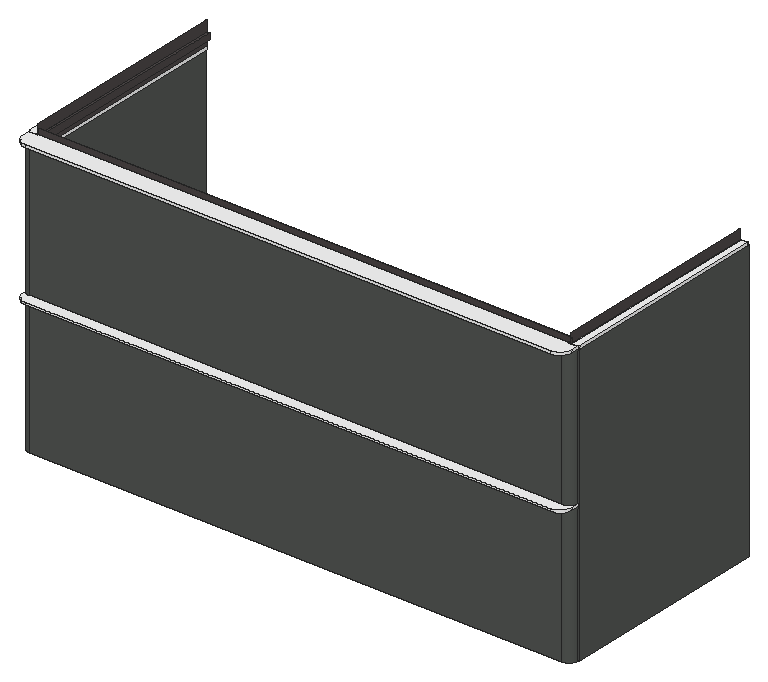
Revit family "vanity unit with 2 drawers", category Furniture, Revit 2019 (continued)
Definition of nested family "vanity unit 480_475 with 2 drawers for handrinse basin-54020670-diamond matt grey-matt_black-200_content"
  Forms (mm)
    Extrusion 2, solid, visible <- "ContentVisible", detail levels medium+fine
      sketch origin (0, 0, 297) x (1, 0, 0) y (0, 1, 0)
        loop
          line (-238.5, -453.5) -> (-238.5, -496) -> (238.5, -496) -> (238.5, -453.5) -> (-238.5, -453.5)
      from 0 to 5
    Extrusion 3, solid, visible <- "ContentVisible", detail levels medium+fine
      sketch origin (0, 0, 600) x (1, 0, 0) y (0, 1, 0)
        loop
          line (-238.5, -453.5) -> (-238.5, -496) -> (238.5, -496) -> (238.5, -453.5) -> (-238.5, -453.5)
      from 0 to 5
    Extrusion 4, solid, visible <- "ContentVisible", detail levels medium+fine
      sketch origin (0, 0, 0) x (1, 0, 0) y (0, 0, -1)
        loop
          line (-224, -566.8) -> (-224, -605) -> (-222.5, -605) -> (-222.5, -566.8) -> (-224, -566.8)
      from -455 to 0
    Extrusion 5, solid, visible <- "ContentVisible", detail levels medium+fine
      sketch origin (0, 0, 0) x (1, 0, 0) y (0, 0, -1)
        loop
          line (222.5, -566.8) -> (222.5, -605) -> (224, -605) -> (224, -566.8) -> (222.5, -566.8)
      from -455 to 0
    Extrusion 6, solid, visible <- "ContentVisible", detail levels medium+fine
      sketch origin (0, 0, 600) x (1, 0, 0) y (0, 1, 0)
        loop
          line (-240, 0) -> (-240, -455) -> (-224, -455) -> (-224, 0) -> (-240, 0)
      from 0 to 5
    Extrusion 7, solid, visible <- "ContentVisible", detail levels medium+fine
      sketch origin (0, 0, 600) x (1, 0, 0) y (0, 1, 0)
        loop
          line (224, 0) -> (224, -455) -> (240, -455) -> (240, 0) -> (224, 0)
      from 0 to 5
    Extrusion 8, solid, visible <- "ContentVisible", detail levels medium+fine
      sketch origin (0, 0, 0) x (1, 0, 0) y (0, 0, -1)
        loop
          line (-222.5, -575.3) -> (-222.5, -624.5) -> (-216.4, -624.5) -> (-216.4, -575.3) -> (-222.5, -575.3)
      from -453.5 to 0
    Extrusion 9, solid, visible <- "ContentVisible", detail levels medium+fine
      sketch origin (0, 0, 0) x (1, 0, 0) y (0, 0, -1)
        loop
          line (216.4, -575.3) -> (216.4, -624.5) -> (222.5, -624.5) -> (222.5, -575.3) -> (216.4, -575.3)
      from -453.5 to 0
    Extrusion 10, solid, visible <- "ContentVisible", detail levels medium+fine
      sketch origin (0, 0, 0) x (0, 0, -1) y (0, 1, 0)
        loop
          line (-616, -453.5) -> (-567, -453.5) -> (-567, -447.4) -> (-616, -447.4) -> (-616, -453.5)
      from -222.5 to 222.5
    Extrusion 11, solid, visible <- "ContentVisible", detail levels coarse
      sketch origin (0, -248, 0) x (1, 0, 0) y (0, 1, 0)
        loop
          line (-240, -248) -> (240, -248) -> (240, 248) -> (-240, 248) -> (-240, -248)
      from 0 to 624.5
  Dimensions and locks
    aligned and locked: level to plane 2
Definition of nested family "vanity unit 480_475 with 2 drawers for handrinse basin-54020670-diamond matt grey-matt_black-400_content"
  Parameters (values of type "Vanity unit 480_475 with 2 drawers for handrinse basin-54020670-Diamond Matt Grey-MATT_BLACK-400_Content")
    etim7_EC011381 = "EC011381"
    WEIGHT = "25.3"
    UNSPSC = "56 | Furniture and Furnishings"
    UNIFORMATII = "E2010 | Fixed Furnishings"
    UNICLASS_2015_CODE = "40_30_78_05"
    UNICLASS2015 = "Pr_40_30_78_05 | Bathroom furniture"
    SURFACE = "MATT_BLACK"
    REGIONSET = "Worldwide"
    PRODUCTURL = "https://pro.hansgrohe.com/articledetail--54020000"
    PRODUCTGROUP = "vanity unit"
    PRODUCTFAMILY = "Xelu Q"
    PERMALINK = "54020XXX"
    OMNICLASS = "23-21 19 15 33 13 | Residential Bathroom Specialty Casework"
    OBJECTTYPE = "Object (single object)"
    OBERFLAECHE = "Diamond Matt Grey"
    NN = "Vanity Unit with 2 Drawers"
    NBSYN = "$BASENUMBER.-$ARTNR.-$OBERFLAECHE.-$SURFACE.-$LODLEVEL."
    NB = "Vanity unit 480/475 with 2 drawers for handrinse basin-54020670-Diamond Matt Grey-MATT_BLACK-400"
    NAME = "Xelu Q Vanity unit Diamond Matt Grey 480/475 with 2 drawers for handrinse basin"
    Model = "Vanity unit 480/475 with 2 drawers for handrinse basin-54020670-Diamond Matt Grey-MATT_BLACK-400"
    Manufacturer = "Hansgrohe"
    MASTERFORMAT = "12 35 30.23 | Bathroom Casework"
    LODLEVEL = "400"
    LINA = "Vanity unit 480/475 with 2 drawers for handrinse basin-54020670-Diamond Matt Grey-MATT_BLACK-400"
    L = 480
    IFC = "Furnishing element"
    GTINCODE = "4059625455258"
    ETIM = "EC011381 | Bathroom furniture set"
    Default Elevation = 1219.2 mm
    DESIGN = "Germany"
    ContentVisible [instance] = yes
    CATALOG = "Hansgrohe"
    BIMOBJECT = "Sanitary: Compound units"
    BASENUMBER = "Vanity unit 480/475 with 2 drawers for handrinse basin"
    ARTNR = "54020670"
  Reference planes
    plane 1 "Center (Front/Back)": y = 0
    plane 2: z = 0
    plane 3 "Center (Left/Right)": x = 0
  Forms (mm)
    Extrusion 1, solid, visible <- "ContentVisible", detail levels medium+fine
      sketch origin (0, 0, 0) x (1, 0, 0) y (0, 1, 0)
        loop
          line (-240, 0) -> (-240, -452)
          arc (-240, -452) -> (-239.121, -454.121) -> (-237, -455) r 3
          line (-237, -455) -> (-224, -455) -> (-224, 0) -> (-240, 0)
      from 0 to 600
    Extrusion 2, solid, visible <- "ContentVisible", detail levels medium+fine
      sketch origin (0, 0, 2) x (1, 0, 0) y (0, 1, 0)
        loop
          line (-224, -88) -> (-224, -455) -> (224, -455) -> (224, -88) -> (-224, -88)
      from 0 to 16
    Extrusion 3, solid, visible <- "ContentVisible", detail levels medium+fine
      sketch origin (0, 0, 0) x (1, 0, 0) y (0, 1, 0)
        loop
          line (224, 0) -> (224, -455) -> (237, -455)
          arc (237, -455) -> (239.121, -454.121) -> (240, -452) r 3
          line (240, -452) -> (240, 0) -> (224, 0)
      from 0 to 600
    Extrusion 4, solid, visible <- "ContentVisible", detail levels medium+fine
      sketch origin (0, 0, 2) x (1, 0, 0) y (0, 1, 0)
        loop
          line (-224, -72) -> (-224, -88) -> (224, -88) -> (224, -72) -> (-224, -72)
      from 0 to 126
    Extrusion 5, solid, visible <- "ContentVisible", detail levels medium+fine
      sketch origin (0, 0, 2) x (1, 0, 0) y (0, 1, 0)
        loop
          arc (-240, -457) -> (-234.435, -470.435) -> (-221, -476) r 19
          line (-221, -476) -> (221, -476)
          arc (221, -476) -> (234.435, -470.435) -> (240, -457) r 19
          line (240, -457) -> (240, -455) -> (-240, -455) -> (-240, -457)
      from 0 to 295
    Extrusion 6, solid, visible <- "ContentVisible", detail levels medium+fine
      sketch origin (0, 0, 305) x (1, 0, 0) y (0, 1, 0)
        loop
          arc (-240, -457) -> (-234.435, -470.435) -> (-221, -476) r 19
          line (-221, -476) -> (221, -476)
          arc (221, -476) -> (234.435, -470.435) -> (240, -457) r 19
          line (240, -457) -> (240, -455) -> (-240, -455) -> (-240, -457)
      from 0 to 295
    Extrusion 7, solid, visible <- "ContentVisible", detail levels medium+fine
      sketch origin (0, 0, 297) x (1, 0, 0) y (0, 1, 0)
        loop
          line (-238.5, -455) -> (-238.5, -471)
          arc (-238.5, -471) -> (-231.178, -488.678) -> (-213.5, -496) r 25
          line (-213.5, -496) -> (213.5, -496)
          arc (213.5, -496) -> (231.178, -488.678) -> (238.5, -471) r 25
          line (238.5, -471) -> (238.5, -455) -> (218.5, -455) -> (218.5, -453.5) -> (-218.5, -453.5) -> (-218.5, -455) -> (-238.5, -455)
      from 0 to 5
    Extrusion 8, solid, visible <- "ContentVisible", detail levels medium+fine
      sketch origin (0, 0, 0) x (0, 0, -1) y (0, 1, 0)
        loop
          line (-297, -453.5) -> (-297, -455) -> (-267, -455) -> (-267, -453.5) -> (-297, -453.5)
      from -218.5 to 218.5
    Extrusion 9, solid, visible <- "ContentVisible", detail levels medium+fine
      sketch origin (0, 0, 600) x (1, 0, 0) y (0, 1, 0)
        loop
          line (-238.5, -455) -> (-238.5, -471)
          arc (-238.5, -471) -> (-231.178, -488.678) -> (-213.5, -496) r 25
          line (-213.5, -496) -> (213.5, -496)
          arc (213.5, -496) -> (231.178, -488.678) -> (238.5, -471) r 25
          line (238.5, -471) -> (238.5, -455) -> (218.5, -455) -> (218.5, -453.5) -> (-218.5, -453.5) -> (-218.5, -455) -> (-238.5, -455)
      from 0 to 5
    Extrusion 10, solid, visible <- "ContentVisible", detail levels medium+fine
      sketch origin (0, 0, 0) x (0, 0, -1) y (0, 1, 0)
        loop
          line (-600, -453.5) -> (-600, -455) -> (-570, -455) -> (-570, -453.5) -> (-600, -453.5)
      from -218.5 to 218.5
    Extrusion 11, solid, visible <- "ContentVisible", detail levels medium+fine
      sketch origin (0, 0, 0) x (1, 0, 0) y (0, 0, -1)
        loop
          line (-224, -566.8) -> (-224, -605) -> (-222.5, -605) -> (-222.5, -566.8) -> (-224, -566.8)
      from -455 to 0
    Extrusion 12, solid, visible <- "ContentVisible", detail levels medium+fine
      sketch origin (0, 0, 0) x (1, 0, 0) y (0, 0, -1)
        loop
          line (222.5, -566.8) -> (222.5, -605) -> (224, -605) -> (224, -566.8) -> (222.5, -566.8)
      from -455 to 0
    Extrusion 13, solid, visible <- "ContentVisible", detail levels medium+fine
      sketch origin (0, 0, 600) x (1, 0, 0) y (0, 1, 0)
        loop
          line (-240, -3) -> (-240, -452)
          arc (-240, -452) -> (-239.121, -454.121) -> (-237, -455) r 3
          line (-237, -455) -> (-224, -455) -> (-224, 0) -> (-237, 0)
          arc (-237, 0) -> (-239.121, -0.879) -> (-240, -3) r 3
      from 0 to 5
    Extrusion 14, solid, visible <- "ContentVisible", detail levels medium+fine
      sketch origin (0, 0, 600) x (1, 0, 0) y (0, 1, 0)
        loop
          line (224, 0) -> (224, -455) -> (237, -455)
          arc (237, -455) -> (239.121, -454.121) -> (240, -452) r 3
          line (240, -452) -> (240, -3)
          arc (240, -3) -> (239.121, -0.879) -> (237, 0) r 3
          line (237, 0) -> (224, 0)
      from 0 to 5
    Extrusion 15, solid, visible <- "ContentVisible", detail levels medium+fine
      sketch origin (0, 0, 0) x (1, 0, 0) y (0, 0, -1)
        loop
          line (-222.5, -575.3) -> (-222.5, -624.5) -> (-221, -624.5) -> (-221, -602.8) -> (-216.4, -602.8) -> (-216.4, -588.3) -> (-221, -588.3) -> (-221, -575.3) -> (-222.5, -575.3)
      from -453.5 to 0
    Extrusion 16, solid, visible <- "ContentVisible", detail levels medium+fine
      sketch origin (0, 0, 0) x (1, 0, 0) y (0, 0, -1)
        loop
          line (216.4, -588.3) -> (216.4, -602.8) -> (221, -602.8) -> (221, -624.5) -> (222.5, -624.5) -> (222.5, -575.3) -> (221, -575.3) -> (221, -588.3) -> (216.4, -588.3)
      from -453.5 to 0
    Extrusion 17, solid, visible <- "ContentVisible", detail levels medium+fine
      sketch origin (0, 0, 0) x (0, 0, -1) y (0, 1, 0)
        loop
          line (-616, -453.5) -> (-567, -453.5) -> (-567, -452) -> (-588.5, -452) -> (-588.5, -447.4) -> (-603, -447.4) -> (-603, -452) -> (-616, -452) -> (-616, -453.5)
      from -222.5 to 222.5
    Extrusion 18, solid, visible <- "ContentVisible", detail levels coarse
      sketch origin (0, -248, 0) x (1, 0, 0) y (0, 1, 0)
        loop
          line (-240, -248) -> (240, -248) -> (240, 248) -> (-240, 248) -> (-240, -248)
      from 0 to 624.5
  Dimensions and locks
    aligned and locked: level to plane 2
Definition of nested family "vanity unit 480_475 with 2 drawers for handrinse basin-54020700-diamond matt grey-matt_white-200_content"
  Parameters (values of type "Vanity unit 480_475 with 2 drawers for handrinse basin-54020700-Diamond Matt Grey-MATT_WHITE-200_Content")
    etim7_EC011381 = "EC011381"
    WEIGHT = "25.3"
    UNSPSC = "56 | Furniture and Furnishings"
    UNIFORMATII = "E2010 | Fixed Furnishings"
    UNICLASS_2015_CODE = "40_30_78_05"
    UNICLASS2015 = "Pr_40_30_78_05 | Bathroom furniture"
    SURFACE = "MATT_WHITE"
    REGIONSET = "Worldwide"
    PRODUCTURL = "https://pro.hansgrohe.com/articledetail--54020000"
    PRODUCTGROUP = "vanity unit"
    PRODUCTFAMILY = "Xelu Q"
    PERMALINK = "54020XXX"
    OMNICLASS = "23-21 19 15 33 13 | Residential Bathroom Specialty Casework"
    OBJECTTYPE = "Object (single object)"
    OBERFLAECHE = "Diamond Matt Grey"
    NN = "Vanity Unit with 2 Drawers"
    NBSYN = "$BASENUMBER.-$ARTNR.-$OBERFLAECHE.-$SURFACE.-$LODLEVEL."
    NB = "Vanity unit 480/475 with 2 drawers for handrinse basin-54020700-Diamond Matt Grey-MATT_WHITE-200"
    NAME = "Xelu Q Vanity unit Diamond Matt Grey 480/475 with 2 drawers for handrinse basin"
    Model = "Vanity unit 480/475 with 2 drawers for handrinse basin-54020700-Diamond Matt Grey-MATT_WHITE-200"
    Manufacturer = "Hansgrohe"
    MASTERFORMAT = "12 35 30.23 | Bathroom Casework"
    LODLEVEL = "200"
    LINA = "Vanity unit 480/475 with 2 drawers for handrinse basin-54020700-Diamond Matt Grey-MATT_WHITE-200"
    L = 480
    IFC = "Furnishing element"
    GTINCODE = "4059625455258"
    ETIM = "EC011381 | Bathroom furniture set"
    Default Elevation = 1219.2 mm
    DESIGN = "Germany"
    ContentVisible [instance] = yes
    CATALOG = "Hansgrohe"
    BIMOBJECT = "Sanitary: Compound units"
    BASENUMBER = "Vanity unit 480/475 with 2 drawers for handrinse basin"
    ARTNR = "54020700"
  Reference planes
    plane 1 "Center (Front/Back)": y = 0
    plane 2: z = 0
    plane 3 "Center (Left/Right)": x = 0
  Forms (mm)
    Extrusion 1, solid, visible <- "ContentVisible", detail levels medium+fine
      sketch origin (0, 0, 0) x (1, 0, 0) y (0, 1, 0)
        loop
          line (-240, 0) -> (-240, -476) -> (240, -476) -> (240, 0) -> (224, 0) -> (224, -72) -> (-224, -72) -> (-224, 0) -> (-240, 0)
      from 0 to 600
    Extrusion 2, solid, visible <- "ContentVisible", detail levels medium+fine
      sketch origin (0, 0, 297) x (1, 0, 0) y (0, 1, 0)
        loop
          line (-238.5, -453.5) -> (-238.5, -496) -> (238.5, -496) -> (238.5, -453.5) -> (-238.5, -453.5)
      from 0 to 5
    Extrusion 3, solid, visible <- "ContentVisible", detail levels medium+fine
      sketch origin (0, 0, 600) x (1, 0, 0) y (0, 1, 0)
        loop
          line (-238.5, -453.5) -> (-238.5, -496) -> (238.5, -496) -> (238.5, -453.5) -> (-238.5, -453.5)
      from 0 to 5
    Extrusion 4, solid, visible <- "ContentVisible", detail levels medium+fine
      sketch origin (0, 0, 0) x (1, 0, 0) y (0, 0, -1)
        loop
          line (-224, -566.8) -> (-224, -605) -> (-222.5, -605) -> (-222.5, -566.8) -> (-224, -566.8)
      from -455 to 0
    Extrusion 5, solid, visible <- "ContentVisible", detail levels medium+fine
      sketch origin (0, 0, 0) x (1, 0, 0) y (0, 0, -1)
        loop
          line (222.5, -566.8) -> (222.5, -605) -> (224, -605) -> (224, -566.8) -> (222.5, -566.8)
      from -455 to 0
    Extrusion 6, solid, visible <- "ContentVisible", detail levels medium+fine
      sketch origin (0, 0, 600) x (1, 0, 0) y (0, 1, 0)
        loop
          line (-240, 0) -> (-240, -455) -> (-224, -455) -> (-224, 0) -> (-240, 0)
      from 0 to 5
    Extrusion 7, solid, visible <- "ContentVisible", detail levels medium+fine
      sketch origin (0, 0, 600) x (1, 0, 0) y (0, 1, 0)
        loop
          line (224, 0) -> (224, -455) -> (240, -455) -> (240, 0) -> (224, 0)
      from 0 to 5
    Extrusion 8, solid, visible <- "ContentVisible", detail levels medium+fine
      sketch origin (0, 0, 0) x (1, 0, 0) y (0, 0, -1)
        loop
          line (-222.5, -575.3) -> (-222.5, -624.5) -> (-216.4, -624.5) -> (-216.4, -575.3) -> (-222.5, -575.3)
      from -453.5 to 0
    Extrusion 9, solid, visible <- "ContentVisible", detail levels medium+fine
      sketch origin (0, 0, 0) x (1, 0, 0) y (0, 0, -1)
        loop
          line (216.4, -575.3) -> (216.4, -624.5) -> (222.5, -624.5) -> (222.5, -575.3) -> (216.4, -575.3)
      from -453.5 to 0
    Extrusion 10, solid, visible <- "ContentVisible", detail levels medium+fine
      sketch origin (0, 0, 0) x (0, 0, -1) y (0, 1, 0)
        loop
          line (-616, -453.5) -> (-567, -453.5) -> (-567, -447.4) -> (-616, -447.4) -> (-616, -453.5)
      from -222.5 to 222.5
    Extrusion 11, solid, visible <- "ContentVisible", detail levels coarse
      sketch origin (0, -248, 0) x (1, 0, 0) y (0, 1, 0)
        loop
          line (-240, -248) -> (240, -248) -> (240, 248) -> (-240, 248) -> (-240, -248)
      from 0 to 624.5
  Dimensions and locks
    aligned and locked: level to plane 2
Definition of nested family "vanity unit 480_475 with 2 drawers for handrinse basin-54020700-diamond matt grey-matt_white-400_content"
  Parameters (values of type "Vanity unit 480_475 with 2 drawers for handrinse basin-54020700-Diamond Matt Grey-MATT_WHITE-400_Content")
    etim7_EC011381 = "EC011381"
    WEIGHT = "25.3"
    UNSPSC = "56 | Furniture and Furnishings"
    UNIFORMATII = "E2010 | Fixed Furnishings"
    UNICLASS_2015_CODE = "40_30_78_05"
    UNICLASS2015 = "Pr_40_30_78_05 | Bathroom furniture"
    SURFACE = "MATT_WHITE"
    REGIONSET = "Worldwide"
    PRODUCTURL = "https://pro.hansgrohe.com/articledetail--54020000"
    PRODUCTGROUP = "vanity unit"
    PRODUCTFAMILY = "Xelu Q"
    PERMALINK = "54020XXX"
    OMNICLASS = "23-21 19 15 33 13 | Residential Bathroom Specialty Casework"
    OBJECTTYPE = "Object (single object)"
    OBERFLAECHE = "Diamond Matt Grey"
    NN = "Vanity Unit with 2 Drawers"
    NBSYN = "$BASENUMBER.-$ARTNR.-$OBERFLAECHE.-$SURFACE.-$LODLEVEL."
    NB = "Vanity unit 480/475 with 2 drawers for handrinse basin-54020700-Diamond Matt Grey-MATT_WHITE-400"
    NAME = "Xelu Q Vanity unit Diamond Matt Grey 480/475 with 2 drawers for handrinse basin"
    Model = "Vanity unit 480/475 with 2 drawers for handrinse basin-54020700-Diamond Matt Grey-MATT_WHITE-400"
    Manufacturer = "Hansgrohe"
    MASTERFORMAT = "12 35 30.23 | Bathroom Casework"
    LODLEVEL = "400"
    LINA = "Vanity unit 480/475 with 2 drawers for handrinse basin-54020700-Diamond Matt Grey-MATT_WHITE-400"
    L = 480
    IFC = "Furnishing element"
    GTINCODE = "4059625455258"
    ETIM = "EC011381 | Bathroom furniture set"
    Default Elevation = 1219.2 mm
    DESIGN = "Germany"
    ContentVisible [instance] = yes
    CATALOG = "Hansgrohe"
    BIMOBJECT = "Sanitary: Compound units"
    BASENUMBER = "Vanity unit 480/475 with 2 drawers for handrinse basin"
    ARTNR = "54020700"
  Reference planes
    plane 1 "Center (Front/Back)": y = 0
    plane 2: z = 0
    plane 3 "Center (Left/Right)": x = 0
  Forms (mm)
    Extrusion 1, solid, visible <- "ContentVisible", detail levels medium+fine
      sketch origin (0, 0, 0) x (1, 0, 0) y (0, 1, 0)
        loop
          line (-240, 0) -> (-240, -452)
          arc (-240, -452) -> (-239.121, -454.121) -> (-237, -455) r 3
          line (-237, -455) -> (-224, -455) -> (-224, 0) -> (-240, 0)
      from 0 to 600
    Extrusion 2, solid, visible <- "ContentVisible", detail levels medium+fine
      sketch origin (0, 0, 2) x (1, 0, 0) y (0, 1, 0)
        loop
          line (-224, -88) -> (-224, -455) -> (224, -455) -> (224, -88) -> (-224, -88)
      from 0 to 16
    Extrusion 3, solid, visible <- "ContentVisible", detail levels medium+fine
      sketch origin (0, 0, 0) x (1, 0, 0) y (0, 1, 0)
        loop
          line (224, 0) -> (224, -455) -> (237, -455)
          arc (237, -455) -> (239.121, -454.121) -> (240, -452) r 3
          line (240, -452) -> (240, 0) -> (224, 0)
      from 0 to 600
    Extrusion 4, solid, visible <- "ContentVisible", detail levels medium+fine
      sketch origin (0, 0, 2) x (1, 0, 0) y (0, 1, 0)
        loop
          line (-224, -72) -> (-224, -88) -> (224, -88) -> (224, -72) -> (-224, -72)
      from 0 to 126
    Extrusion 5, solid, visible <- "ContentVisible", detail levels medium+fine
      sketch origin (0, 0, 2) x (1, 0, 0) y (0, 1, 0)
        loop
          arc (-240, -457) -> (-234.435, -470.435) -> (-221, -476) r 19
          line (-221, -476) -> (221, -476)
          arc (221, -476) -> (234.435, -470.435) -> (240, -457) r 19
          line (240, -457) -> (240, -455) -> (-240, -455) -> (-240, -457)
      from 0 to 295
    Extrusion 6, solid, visible <- "ContentVisible", detail levels medium+fine
      sketch origin (0, 0, 305) x (1, 0, 0) y (0, 1, 0)
        loop
          arc (-240, -457) -> (-234.435, -470.435) -> (-221, -476) r 19
          line (-221, -476) -> (221, -476)
          arc (221, -476) -> (234.435, -470.435) -> (240, -457) r 19
          line (240, -457) -> (240, -455) -> (-240, -455) -> (-240, -457)
      from 0 to 295
    Extrusion 7, solid, visible <- "ContentVisible", detail levels medium+fine
      sketch origin (0, 0, 297) x (1, 0, 0) y (0, 1, 0)
        loop
          line (-238.5, -455) -> (-238.5, -471)
          arc (-238.5, -471) -> (-231.178, -488.678) -> (-213.5, -496) r 25
          line (-213.5, -496) -> (213.5, -496)
          arc (213.5, -496) -> (231.178, -488.678) -> (238.5, -471) r 25
          line (238.5, -471) -> (238.5, -455) -> (218.5, -455) -> (218.5, -453.5) -> (-218.5, -453.5) -> (-218.5, -455) -> (-238.5, -455)
      from 0 to 5
    Extrusion 8, solid, visible <- "ContentVisible", detail levels medium+fine
      sketch origin (0, 0, 0) x (0, 0, -1) y (0, 1, 0)
        loop
          line (-297, -453.5) -> (-297, -455) -> (-267, -455) -> (-267, -453.5) -> (-297, -453.5)
      from -218.5 to 218.5
    Extrusion 9, solid, visible <- "ContentVisible", detail levels medium+fine
      sketch origin (0, 0, 600) x (1, 0, 0) y (0, 1, 0)
        loop
          line (-238.5, -455) -> (-238.5, -471)
          arc (-238.5, -471) -> (-231.178, -488.678) -> (-213.5, -496) r 25
          line (-213.5, -496) -> (213.5, -496)
          arc (213.5, -496) -> (231.178, -488.678) -> (238.5, -471) r 25
          line (238.5, -471) -> (238.5, -455) -> (218.5, -455) -> (218.5, -453.5) -> (-218.5, -453.5) -> (-218.5, -455) -> (-238.5, -455)
      from 0 to 5
    Extrusion 10, solid, visible <- "ContentVisible", detail levels medium+fine
      sketch origin (0, 0, 0) x (0, 0, -1) y (0, 1, 0)
        loop
          line (-600, -453.5) -> (-600, -455) -> (-570, -455) -> (-570, -453.5) -> (-600, -453.5)
      from -218.5 to 218.5
    Extrusion 11, solid, visible <- "ContentVisible", detail levels medium+fine
      sketch origin (0, 0, 0) x (1, 0, 0) y (0, 0, -1)
        loop
          line (-224, -566.8) -> (-224, -605) -> (-222.5, -605) -> (-222.5, -566.8) -> (-224, -566.8)
      from -455 to 0
    Extrusion 12, solid, visible <- "ContentVisible", detail levels medium+fine
      sketch origin (0, 0, 0) x (1, 0, 0) y (0, 0, -1)
        loop
          line (222.5, -566.8) -> (222.5, -605) -> (224, -605) -> (224, -566.8) -> (222.5, -566.8)
      from -455 to 0
    Extrusion 13, solid, visible <- "ContentVisible", detail levels medium+fine
      sketch origin (0, 0, 600) x (1, 0, 0) y (0, 1, 0)
        loop
          line (-240, -3) -> (-240, -452)
          arc (-240, -452) -> (-239.121, -454.121) -> (-237, -455) r 3
          line (-237, -455) -> (-224, -455) -> (-224, 0) -> (-237, 0)
          arc (-237, 0) -> (-239.121, -0.879) -> (-240, -3) r 3
      from 0 to 5
    Extrusion 14, solid, visible <- "ContentVisible", detail levels medium+fine
      sketch origin (0, 0, 600) x (1, 0, 0) y (0, 1, 0)
        loop
          line (224, 0) -> (224, -455) -> (237, -455)
          arc (237, -455) -> (239.121, -454.121) -> (240, -452) r 3
          line (240, -452) -> (240, -3)
          arc (240, -3) -> (239.121, -0.879) -> (237, 0) r 3
          line (237, 0) -> (224, 0)
      from 0 to 5
    Extrusion 15, solid, visible <- "ContentVisible", detail levels medium+fine
      sketch origin (0, 0, 0) x (1, 0, 0) y (0, 0, -1)
        loop
          line (-222.5, -575.3) -> (-222.5, -624.5) -> (-221, -624.5) -> (-221, -602.8) -> (-216.4, -602.8) -> (-216.4, -588.3) -> (-221, -588.3) -> (-221, -575.3) -> (-222.5, -575.3)
      from -453.5 to 0
    Extrusion 16, solid, visible <- "ContentVisible", detail levels medium+fine
      sketch origin (0, 0, 0) x (1, 0, 0) y (0, 0, -1)
        loop
          line (216.4, -588.3) -> (216.4, -602.8) -> (221, -602.8) -> (221, -624.5) -> (222.5, -624.5) -> (222.5, -575.3) -> (221, -575.3) -> (221, -588.3) -> (216.4, -588.3)
      from -453.5 to 0
    Extrusion 17, solid, visible <- "ContentVisible", detail levels medium+fine
      sketch origin (0, 0, 0) x (0, 0, -1) y (0, 1, 0)
        loop
          line (-616, -453.5) -> (-567, -453.5) -> (-567, -452) -> (-588.5, -452) -> (-588.5, -447.4) -> (-603, -447.4) -> (-603, -452) -> (-616, -452) -> (-616, -453.5)
      from -222.5 to 222.5
    Extrusion 18, solid, visible <- "ContentVisible", detail levels coarse
      sketch origin (0, -248, 0) x (1, 0, 0) y (0, 1, 0)
        loop
          line (-240, -248) -> (240, -248) -> (240, 248) -> (-240, 248) -> (-240, -248)
      from 0 to 624.5
  Dimensions and locks
    aligned and locked: level to plane 2
Definition of nested family "vanity unit 480_475 with 2 drawers for handrinse basin-54021000-natural oak-chrome-200_content"
  Parameters (values of type "Vanity unit 480_475 with 2 drawers for handrinse basin-54021000-Natural Oak-CHROME-200_Content")
    etim7_EC011381 = "EC011381"
    WEIGHT = "25.3"
    UNSPSC = "56 | Furniture and Furnishings"
    UNIFORMATII = "E2010 | Fixed Furnishings"
    UNICLASS_2015_CODE = "40_30_78_05"
    UNICLASS2015 = "Pr_40_30_78_05 | Bathroom furniture"
    SURFACE = "CHROME"
    REGIONSET = "Worldwide"
    PRODUCTURL = "https://pro.hansgrohe.com/articledetail--54021000"
    PRODUCTGROUP = "vanity unit"
    PRODUCTFAMILY = "Xelu Q"
    PERMALINK = "54021XXX"
    OMNICLASS = "23-21 19 15 33 13 | Residential Bathroom Specialty Casework"
    OBJECTTYPE = "Object (single object)"
    OBERFLAECHE = "Natural Oak"
    NN = "Vanity Unit with 2 Drawers"
    NBSYN = "$BASENUMBER.-$ARTNR.-$OBERFLAECHE.-$SURFACE.-$LODLEVEL."
    NB = "Vanity unit 480/475 with 2 drawers for handrinse basin-54021000-Natural Oak-CHROME-200"
    NAME = "Xelu Q Vanity unit Natural Oak 480/475 with 2 drawers for handrinse basin"
    Model = "Vanity unit 480/475 with 2 drawers for handrinse basin-54021000-Natural Oak-CHROME-200"
    Manufacturer = "Hansgrohe"
    MASTERFORMAT = "12 35 30.23 | Bathroom Casework"
    LODLEVEL = "200"
    LINA = "Vanity unit 480/475 with 2 drawers for handrinse basin-54021000-Natural Oak-CHROME-200"
    L = 480
    IFC = "Furnishing element"
    GTINCODE = "4059625455227"
    ETIM = "EC011381 | Bathroom furniture set"
    Default Elevation = 1219.2 mm
    DESIGN = "Germany"
    ContentVisible [instance] = yes
    CATALOG = "Hansgrohe"
    BIMOBJECT = "Sanitary: Compound units"
    BASENUMBER = "Vanity unit 480/475 with 2 drawers for handrinse basin"
    ARTNR = "54021000"
  Reference planes
    plane 1 "Center (Front/Back)": y = 0
    plane 2: z = 0
    plane 3 "Center (Left/Right)": x = 0
  Forms (mm)
    Extrusion 1, solid, visible <- "ContentVisible", detail levels medium+fine
      sketch origin (0, 0, 0) x (1, 0, 0) y (0, 1, 0)
        loop
          line (-240, 0) -> (-240, -476) -> (240, -476) -> (240, 0) -> (224, 0) -> (224, -72) -> (-224, -72) -> (-224, 0) -> (-240, 0)
      from 0 to 600
    Extrusion 2, solid, visible <- "ContentVisible", detail levels medium+fine
      sketch origin (0, 0, 297) x (1, 0, 0) y (0, 1, 0)
        loop
          line (-238.5, -453.5) -> (-238.5, -496) -> (238.5, -496) -> (238.5, -453.5) -> (-238.5, -453.5)
      from 0 to 5
    Extrusion 3, solid, visible <- "ContentVisible", detail levels medium+fine
      sketch origin (0, 0, 600) x (1, 0, 0) y (0, 1, 0)
        loop
          line (-238.5, -453.5) -> (-238.5, -496) -> (238.5, -496) -> (238.5, -453.5) -> (-238.5, -453.5)
      from 0 to 5
    Extrusion 4, solid, visible <- "ContentVisible", detail levels medium+fine
      sketch origin (0, 0, 0) x (1, 0, 0) y (0, 0, -1)
        loop
          line (-224, -566.8) -> (-224, -605) -> (-222.5, -605) -> (-222.5, -566.8) -> (-224, -566.8)
      from -455 to 0
    Extrusion 5, solid, visible <- "ContentVisible", detail levels medium+fine
      sketch origin (0, 0, 0) x (1, 0, 0) y (0, 0, -1)
        loop
          line (222.5, -566.8) -> (222.5, -605) -> (224, -605) -> (224, -566.8) -> (222.5, -566.8)
      from -455 to 0
    Extrusion 6, solid, visible <- "ContentVisible", detail levels medium+fine
      sketch origin (0, 0, 600) x (1, 0, 0) y (0, 1, 0)
        loop
          line (-240, 0) -> (-240, -455) -> (-224, -455) -> (-224, 0) -> (-240, 0)
      from 0 to 5
    Extrusion 7, solid, visible <- "ContentVisible", detail levels medium+fine
      sketch origin (0, 0, 600) x (1, 0, 0) y (0, 1, 0)
        loop
          line (224, 0) -> (224, -455) -> (240, -455) -> (240, 0) -> (224, 0)
      from 0 to 5
    Extrusion 8, solid, visible <- "ContentVisible", detail levels medium+fine
      sketch origin (0, 0, 0) x (1, 0, 0) y (0, 0, -1)
        loop
          line (-222.5, -575.3) -> (-222.5, -624.5) -> (-216.4, -624.5) -> (-216.4, -575.3) -> (-222.5, -575.3)
      from -453.5 to 0
    Extrusion 9, solid, visible <- "ContentVisible", detail levels medium+fine
      sketch origin (0, 0, 0) x (1, 0, 0) y (0, 0, -1)
        loop
          line (216.4, -575.3) -> (216.4, -624.5) -> (222.5, -624.5) -> (222.5, -575.3) -> (216.4, -575.3)
      from -453.5 to 0
    Extrusion 10, solid, visible <- "ContentVisible", detail levels medium+fine
      sketch origin (0, 0, 0) x (0, 0, -1) y (0, 1, 0)
        loop
          line (-616, -453.5) -> (-567, -453.5) -> (-567, -447.4) -> (-616, -447.4) -> (-616, -453.5)
      from -222.5 to 222.5
    Extrusion 11, solid, visible <- "ContentVisible", detail levels coarse
      sketch origin (0, -248, 0) x (1, 0, 0) y (0, 1, 0)
        loop
          line (-240, -248) -> (240, -248) -> (240, 248) -> (-240, 248) -> (-240, -248)
      from 0 to 624.5
  Dimensions and locks
    aligned and locked: level to plane 2
Definition of nested family "vanity unit 480_475 with 2 drawers for handrinse basin-54021000-natural oak-chrome-400_content"
  Parameters (values of type "Vanity unit 480_475 with 2 drawers for handrinse basin-54021000-Natural Oak-CHROME-400_Content")
    etim7_EC011381 = "EC011381"
    WEIGHT = "25.3"
    UNSPSC = "56 | Furniture and Furnishings"
    UNIFORMATII = "E2010 | Fixed Furnishings"
    UNICLASS_2015_CODE = "40_30_78_05"
    UNICLASS2015 = "Pr_40_30_78_05 | Bathroom furniture"
    SURFACE = "CHROME"
    REGIONSET = "Worldwide"
    PRODUCTURL = "https://pro.hansgrohe.com/articledetail--54021000"
    PRODUCTGROUP = "vanity unit"
    PRODUCTFAMILY = "Xelu Q"
    PERMALINK = "54021XXX"
    OMNICLASS = "23-21 19 15 33 13 | Residential Bathroom Specialty Casework"
    OBJECTTYPE = "Object (single object)"
    OBERFLAECHE = "Natural Oak"
    NN = "Vanity Unit with 2 Drawers"
    NBSYN = "$BASENUMBER.-$ARTNR.-$OBERFLAECHE.-$SURFACE.-$LODLEVEL."
    NB = "Vanity unit 480/475 with 2 drawers for handrinse basin-54021000-Natural Oak-CHROME-400"
    NAME = "Xelu Q Vanity unit Natural Oak 480/475 with 2 drawers for handrinse basin"
    Model = "Vanity unit 480/475 with 2 drawers for handrinse basin-54021000-Natural Oak-CHROME-400"
    Manufacturer = "Hansgrohe"
    MASTERFORMAT = "12 35 30.23 | Bathroom Casework"
    LODLEVEL = "400"
    LINA = "Vanity unit 480/475 with 2 drawers for handrinse basin-54021000-Natural Oak-CHROME-400"
    L = 480
    IFC = "Furnishing element"
    GTINCODE = "4059625455227"
    ETIM = "EC011381 | Bathroom furniture set"
    Default Elevation = 1219.2 mm
    DESIGN = "Germany"
    ContentVisible [instance] = yes
    CATALOG = "Hansgrohe"
    BIMOBJECT = "Sanitary: Compound units"
    BASENUMBER = "Vanity unit 480/475 with 2 drawers for handrinse basin"
    ARTNR = "54021000"
  Reference planes
    plane 1 "Center (Front/Back)": y = 0
    plane 2: z = 0
    plane 3 "Center (Left/Right)": x = 0
  Forms (mm)
    Extrusion 1, solid, visible <- "ContentVisible", detail levels medium+fine
      sketch origin (0, 0, 0) x (1, 0, 0) y (0, 1, 0)
        loop
          line (-240, 0) -> (-240, -452)
          arc (-240, -452) -> (-239.121, -454.121) -> (-237, -455) r 3
          line (-237, -455) -> (-224, -455) -> (-224, 0) -> (-240, 0)
      from 0 to 600
    Extrusion 2, solid, visible <- "ContentVisible", detail levels medium+fine
      sketch origin (0, 0, 2) x (1, 0, 0) y (0, 1, 0)
        loop
          line (-224, -88) -> (-224, -455) -> (224, -455) -> (224, -88) -> (-224, -88)
      from 0 to 16
    Extrusion 3, solid, visible <- "ContentVisible", detail levels medium+fine
      sketch origin (0, 0, 0) x (1, 0, 0) y (0, 1, 0)
        loop
          line (224, 0) -> (224, -455) -> (237, -455)
          arc (237, -455) -> (239.121, -454.121) -> (240, -452) r 3
          line (240, -452) -> (240, 0) -> (224, 0)
      from 0 to 600
    Extrusion 4, solid, visible <- "ContentVisible", detail levels medium+fine
      sketch origin (0, 0, 2) x (1, 0, 0) y (0, 1, 0)
        loop
          line (-224, -72) -> (-224, -88) -> (224, -88) -> (224, -72) -> (-224, -72)
      from 0 to 126
    Extrusion 5, solid, visible <- "ContentVisible", detail levels medium+fine
      sketch origin (0, 0, 2) x (1, 0, 0) y (0, 1, 0)
        loop
          arc (-240, -457) -> (-234.435, -470.435) -> (-221, -476) r 19
          line (-221, -476) -> (221, -476)
          arc (221, -476) -> (234.435, -470.435) -> (240, -457) r 19
          line (240, -457) -> (240, -455) -> (-240, -455) -> (-240, -457)
      from 0 to 295
    Extrusion 6, solid, visible <- "ContentVisible", detail levels medium+fine
      sketch origin (0, 0, 305) x (1, 0, 0) y (0, 1, 0)
        loop
          arc (-240, -457) -> (-234.435, -470.435) -> (-221, -476) r 19
          line (-221, -476) -> (221, -476)
          arc (221, -476) -> (234.435, -470.435) -> (240, -457) r 19
          line (240, -457) -> (240, -455) -> (-240, -455) -> (-240, -457)
      from 0 to 295
    Extrusion 7, solid, visible <- "ContentVisible", detail levels medium+fine
      sketch origin (0, 0, 297) x (1, 0, 0) y (0, 1, 0)
        loop
          line (-238.5, -455) -> (-238.5, -471)
          arc (-238.5, -471) -> (-231.178, -488.678) -> (-213.5, -496) r 25
          line (-213.5, -496) -> (213.5, -496)
          arc (213.5, -496) -> (231.178, -488.678) -> (238.5, -471) r 25
          line (238.5, -471) -> (238.5, -455) -> (218.5, -455) -> (218.5, -453.5) -> (-218.5, -453.5) -> (-218.5, -455) -> (-238.5, -455)
      from 0 to 5
    Extrusion 8, solid, visible <- "ContentVisible", detail levels medium+fine
      sketch origin (0, 0, 0) x (0, 0, -1) y (0, 1, 0)
        loop
          line (-297, -453.5) -> (-297, -455) -> (-267, -455) -> (-267, -453.5) -> (-297, -453.5)
      from -218.5 to 218.5
    Extrusion 9, solid, visible <- "ContentVisible", detail levels medium+fine
      sketch origin (0, 0, 600) x (1, 0, 0) y (0, 1, 0)
        loop
          line (-238.5, -455) -> (-238.5, -471)
          arc (-238.5, -471) -> (-231.178, -488.678) -> (-213.5, -496) r 25
          line (-213.5, -496) -> (213.5, -496)
          arc (213.5, -496) -> (231.178, -488.678) -> (238.5, -471) r 25
          line (238.5, -471) -> (238.5, -455) -> (218.5, -455) -> (218.5, -453.5) -> (-218.5, -453.5) -> (-218.5, -455) -> (-238.5, -455)
      from 0 to 5
    Extrusion 10, solid, visible <- "ContentVisible", detail levels medium+fine
      sketch origin (0, 0, 0) x (0, 0, -1) y (0, 1, 0)
        loop
          line (-600, -453.5) -> (-600, -455) -> (-570, -455) -> (-570, -453.5) -> (-600, -453.5)
      from -218.5 to 218.5
    Extrusion 11, solid, visible <- "ContentVisible", detail levels medium+fine
      sketch origin (0, 0, 0) x (1, 0, 0) y (0, 0, -1)
        loop
          line (-224, -566.8) -> (-224, -605) -> (-222.5, -605) -> (-222.5, -566.8) -> (-224, -566.8)
      from -455 to 0
    Extrusion 12, solid, visible <- "ContentVisible", detail levels medium+fine
      sketch origin (0, 0, 0) x (1, 0, 0) y (0, 0, -1)
        loop
          line (222.5, -566.8) -> (222.5, -605) -> (224, -605) -> (224, -566.8) -> (222.5, -566.8)
      from -455 to 0
    Extrusion 13, solid, visible <- "ContentVisible", detail levels medium+fine
      sketch origin (0, 0, 600) x (1, 0, 0) y (0, 1, 0)
        loop
          line (-240, -3) -> (-240, -452)
          arc (-240, -452) -> (-239.121, -454.121) -> (-237, -455) r 3
          line (-237, -455) -> (-224, -455) -> (-224, 0) -> (-237, 0)
          arc (-237, 0) -> (-239.121, -0.879) -> (-240, -3) r 3
      from 0 to 5
    Extrusion 14, solid, visible <- "ContentVisible", detail levels medium+fine
      sketch origin (0, 0, 600) x (1, 0, 0) y (0, 1, 0)
        loop
          line (224, 0) -> (224, -455) -> (237, -455)
          arc (237, -455) -> (239.121, -454.121) -> (240, -452) r 3
          line (240, -452) -> (240, -3)
          arc (240, -3) -> (239.121, -0.879) -> (237, 0) r 3
          line (237, 0) -> (224, 0)
      from 0 to 5
    Extrusion 15, solid, visible <- "ContentVisible", detail levels medium+fine
      sketch origin (0, 0, 0) x (1, 0, 0) y (0, 0, -1)
        loop
          line (-222.5, -575.3) -> (-222.5, -624.5) -> (-221, -624.5) -> (-221, -602.8) -> (-216.4, -602.8) -> (-216.4, -588.3) -> (-221, -588.3) -> (-221, -575.3) -> (-222.5, -575.3)
      from -453.5 to 0
    Extrusion 16, solid, visible <- "ContentVisible", detail levels medium+fine
      sketch origin (0, 0, 0) x (1, 0, 0) y (0, 0, -1)
        loop
          line (216.4, -588.3) -> (216.4, -602.8) -> (221, -602.8) -> (221, -624.5) -> (222.5, -624.5) -> (222.5, -575.3) -> (221, -575.3) -> (221, -588.3) -> (216.4, -588.3)
      from -453.5 to 0
    Extrusion 17, solid, visible <- "ContentVisible", detail levels medium+fine
      sketch origin (0, 0, 0) x (0, 0, -1) y (0, 1, 0)
        loop
          line (-616, -453.5) -> (-567, -453.5) -> (-567, -452) -> (-588.5, -452) -> (-588.5, -447.4) -> (-603, -447.4) -> (-603, -452) -> (-616, -452) -> (-616, -453.5)
      from -222.5 to 222.5
    Extrusion 18, solid, visible <- "ContentVisible", detail levels coarse
      sketch origin (0, -248, 0) x (1, 0, 0) y (0, 1, 0)
        loop
          line (-240, -248) -> (240, -248) -> (240, 248) -> (-240, 248) -> (-240, -248)
      from 0 to 624.5
  Dimensions and locks
    aligned and locked: level to plane 2
Definition of nested family "vanity unit 480_475 with 2 drawers for handrinse basin-54021670-natural oak-matt_black-200_content"
  Parameters (values of type "Vanity unit 480_475 with 2 drawers for handrinse basin-54021670-Natural Oak-MATT_BLACK-200_Content")
    etim7_EC011381 = "EC011381"
    WEIGHT = "25.3"
    UNSPSC = "56 | Furniture and Furnishings"
    UNIFORMATII = "E2010 | Fixed Furnishings"
    UNICLASS_2015_CODE = "40_30_78_05"
    UNICLASS2015 = "Pr_40_30_78_05 | Bathroom furniture"
    SURFACE = "MATT_BLACK"
    REGIONSET = "Worldwide"
    PRODUCTURL = "https://pro.hansgrohe.com/articledetail--54021000"
    PRODUCTGROUP = "vanity unit"
    PRODUCTFAMILY = "Xelu Q"
    PERMALINK = "54021XXX"
    OMNICLASS = "23-21 19 15 33 13 | Residential Bathroom Specialty Casework"
    OBJECTTYPE = "Object (single object)"
    OBERFLAECHE = "Natural Oak"
    NN = "Vanity Unit with 2 Drawers"
    NBSYN = "$BASENUMBER.-$ARTNR.-$OBERFLAECHE.-$SURFACE.-$LODLEVEL."
    NB = "Vanity unit 480/475 with 2 drawers for handrinse basin-54021670-Natural Oak-MATT_BLACK-200"
    NAME = "Xelu Q Vanity unit Natural Oak 480/475 with 2 drawers for handrinse basin"
    Model = "Vanity unit 480/475 with 2 drawers for handrinse basin-54021670-Natural Oak-MATT_BLACK-200"
    Manufacturer = "Hansgrohe"
    MASTERFORMAT = "12 35 30.23 | Bathroom Casework"
    LODLEVEL = "200"
    LINA = "Vanity unit 480/475 with 2 drawers for handrinse basin-54021670-Natural Oak-MATT_BLACK-200"
    L = 480
    IFC = "Furnishing element"
    GTINCODE = "4059625455227"
    ETIM = "EC011381 | Bathroom furniture set"
    Default Elevation = 1219.2 mm
    DESIGN = "Germany"
    ContentVisible [instance] = yes
    CATALOG = "Hansgrohe"
    BIMOBJECT = "Sanitary: Compound units"
    BASENUMBER = "Vanity unit 480/475 with 2 drawers for handrinse basin"
    ARTNR = "54021670"
  Reference planes
    plane 1 "Center (Front/Back)": y = 0
    plane 2: z = 0
    plane 3 "Center (Left/Right)": x = 0
  Forms (mm)
    Extrusion 1, solid, visible <- "ContentVisible", detail levels medium+fine
      sketch origin (0, 0, 0) x (1, 0, 0) y (0, 1, 0)
        loop
          line (-240, 0) -> (-240, -476) -> (240, -476) -> (240, 0) -> (224, 0) -> (224, -72) -> (-224, -72) -> (-224, 0) -> (-240, 0)
      from 0 to 600
    Extrusion 2, solid, visible <- "ContentVisible", detail levels medium+fine
      sketch origin (0, 0, 297) x (1, 0, 0) y (0, 1, 0)
        loop
          line (-238.5, -453.5) -> (-238.5, -496) -> (238.5, -496) -> (238.5, -453.5) -> (-238.5, -453.5)
      from 0 to 5
    Extrusion 3, solid, visible <- "ContentVisible", detail levels medium+fine
      sketch origin (0, 0, 600) x (1, 0, 0) y (0, 1, 0)
        loop
          line (-238.5, -453.5) -> (-238.5, -496) -> (238.5, -496) -> (238.5, -453.5) -> (-238.5, -453.5)
      from 0 to 5
    Extrusion 4, solid, visible <- "ContentVisible", detail levels medium+fine
      sketch origin (0, 0, 0) x (1, 0, 0) y (0, 0, -1)
        loop
          line (-224, -566.8) -> (-224, -605) -> (-222.5, -605) -> (-222.5, -566.8) -> (-224, -566.8)
      from -455 to 0
    Extrusion 5, solid, visible <- "ContentVisible", detail levels medium+fine
      sketch origin (0, 0, 0) x (1, 0, 0) y (0, 0, -1)
        loop
          line (222.5, -566.8) -> (222.5, -605) -> (224, -605) -> (224, -566.8) -> (222.5, -566.8)
      from -455 to 0
    Extrusion 6, solid, visible <- "ContentVisible", detail levels medium+fine
      sketch origin (0, 0, 600) x (1, 0, 0) y (0, 1, 0)
        loop
          line (-240, 0) -> (-240, -455) -> (-224, -455) -> (-224, 0) -> (-240, 0)
      from 0 to 5
    Extrusion 7, solid, visible <- "ContentVisible", detail levels medium+fine
      sketch origin (0, 0, 600) x (1, 0, 0) y (0, 1, 0)
        loop
          line (224, 0) -> (224, -455) -> (240, -455) -> (240, 0) -> (224, 0)
      from 0 to 5
    Extrusion 8, solid, visible <- "ContentVisible", detail levels medium+fine
      sketch origin (0, 0, 0) x (1, 0, 0) y (0, 0, -1)
        loop
          line (-222.5, -575.3) -> (-222.5, -624.5) -> (-216.4, -624.5) -> (-216.4, -575.3) -> (-222.5, -575.3)
      from -453.5 to 0
    Extrusion 9, solid, visible <- "ContentVisible", detail levels medium+fine
      sketch origin (0, 0, 0) x (1, 0, 0) y (0, 0, -1)
        loop
          line (216.4, -575.3) -> (216.4, -624.5) -> (222.5, -624.5) -> (222.5, -575.3) -> (216.4, -575.3)
      from -453.5 to 0
    Extrusion 10, solid, visible <- "ContentVisible", detail levels medium+fine
      sketch origin (0, 0, 0) x (0, 0, -1) y (0, 1, 0)
        loop
          line (-616, -453.5) -> (-567, -453.5) -> (-567, -447.4) -> (-616, -447.4) -> (-616, -453.5)
      from -222.5 to 222.5
    Extrusion 11, solid, visible <- "ContentVisible", detail levels coarse
      sketch origin (0, -248, 0) x (1, 0, 0) y (0, 1, 0)
        loop
          line (-240, -248) -> (240, -248) -> (240, 248) -> (-240, 248) -> (-240, -248)
      from 0 to 624.5
  Dimensions and locks
    aligned and locked: level to plane 2
Definition of nested family "vanity unit 480_475 with 2 drawers for handrinse basin-54021670-natural oak-matt_black-400_content"
  Parameters (values of type "Vanity unit 480_475 with 2 drawers for handrinse basin-54021670-Natural Oak-MATT_BLACK-400_Content")
    etim7_EC011381 = "EC011381"
    WEIGHT = "25.3"
    UNSPSC = "56 | Furniture and Furnishings"
    UNIFORMATII = "E2010 | Fixed Furnishings"
    UNICLASS_2015_CODE = "40_30_78_05"
    UNICLASS2015 = "Pr_40_30_78_05 | Bathroom furniture"
    SURFACE = "MATT_BLACK"
    REGIONSET = "Worldwide"
    PRODUCTURL = "https://pro.hansgrohe.com/articledetail--54021000"
    PRODUCTGROUP = "vanity unit"
    PRODUCTFAMILY = "Xelu Q"
    PERMALINK = "54021XXX"
    OMNICLASS = "23-21 19 15 33 13 | Residential Bathroom Specialty Casework"
    OBJECTTYPE = "Object (single object)"
    OBERFLAECHE = "Natural Oak"
    NN = "Vanity Unit with 2 Drawers"
    NBSYN = "$BASENUMBER.-$ARTNR.-$OBERFLAECHE.-$SURFACE.-$LODLEVEL."
    NB = "Vanity unit 480/475 with 2 drawers for handrinse basin-54021670-Natural Oak-MATT_BLACK-400"
    NAME = "Xelu Q Vanity unit Natural Oak 480/475 with 2 drawers for handrinse basin"
    Model = "Vanity unit 480/475 with 2 drawers for handrinse basin-54021670-Natural Oak-MATT_BLACK-400"
    Manufacturer = "Hansgrohe"
    MASTERFORMAT = "12 35 30.23 | Bathroom Casework"
    LODLEVEL = "400"
    LINA = "Vanity unit 480/475 with 2 drawers for handrinse basin-54021670-Natural Oak-MATT_BLACK-400"
    L = 480
    IFC = "Furnishing element"
    GTINCODE = "4059625455227"
    ETIM = "EC011381 | Bathroom furniture set"
    Default Elevation = 1219.2 mm
    DESIGN = "Germany"
    ContentVisible [instance] = yes
    CATALOG = "Hansgrohe"
    BIMOBJECT = "Sanitary: Compound units"
    BASENUMBER = "Vanity unit 480/475 with 2 drawers for handrinse basin"
    ARTNR = "54021670"
  Reference planes
    plane 1 "Center (Front/Back)": y = 0
    plane 2: z = 0
    plane 3 "Center (Left/Right)": x = 0
  Forms (mm)
    Extrusion 1, solid, visible <- "ContentVisible", detail levels medium+fine
      sketch origin (0, 0, 0) x (1, 0, 0) y (0, 1, 0)
        loop
          line (-240, 0) -> (-240, -452)
          arc (-240, -452) -> (-239.121, -454.121) -> (-237, -455) r 3
          line (-237, -455) -> (-224, -455) -> (-224, 0) -> (-240, 0)
      from 0 to 600
    Extrusion 2, solid, visible <- "ContentVisible", detail levels medium+fine
      sketch origin (0, 0, 2) x (1, 0, 0) y (0, 1, 0)
        loop
          line (-224, -88) -> (-224, -455) -> (224, -455) -> (224, -88) -> (-224, -88)
      from 0 to 16
    Extrusion 3, solid, visible <- "ContentVisible", detail levels medium+fine
      sketch origin (0, 0, 0) x (1, 0, 0) y (0, 1, 0)
        loop
          line (224, 0) -> (224, -455) -> (237, -455)
          arc (237, -455) -> (239.121, -454.121) -> (240, -452) r 3
          line (240, -452) -> (240, 0) -> (224, 0)
      from 0 to 600
    Extrusion 4, solid, visible <- "ContentVisible", detail levels medium+fine
      sketch origin (0, 0, 2) x (1, 0, 0) y (0, 1, 0)
        loop
          line (-224, -72) -> (-224, -88) -> (224, -88) -> (224, -72) -> (-224, -72)
      from 0 to 126
    Extrusion 5, solid, visible <- "ContentVisible", detail levels medium+fine
      sketch origin (0, 0, 2) x (1, 0, 0) y (0, 1, 0)
        loop
          arc (-240, -457) -> (-234.435, -470.435) -> (-221, -476) r 19
          line (-221, -476) -> (221, -476)
          arc (221, -476) -> (234.435, -470.435) -> (240, -457) r 19
          line (240, -457) -> (240, -455) -> (-240, -455) -> (-240, -457)
      from 0 to 295
    Extrusion 6, solid, visible <- "ContentVisible", detail levels medium+fine
      sketch origin (0, 0, 305) x (1, 0, 0) y (0, 1, 0)
        loop
          arc (-240, -457) -> (-234.435, -470.435) -> (-221, -476) r 19
          line (-221, -476) -> (221, -476)
          arc (221, -476) -> (234.435, -470.435) -> (240, -457) r 19
          line (240, -457) -> (240, -455) -> (-240, -455) -> (-240, -457)
      from 0 to 295
    Extrusion 7, solid, visible <- "ContentVisible", detail levels medium+fine
      sketch origin (0, 0, 297) x (1, 0, 0) y (0, 1, 0)
        loop
          line (-238.5, -455) -> (-238.5, -471)
          arc (-238.5, -471) -> (-231.178, -488.678) -> (-213.5, -496) r 25
          line (-213.5, -496) -> (213.5, -496)
          arc (213.5, -496) -> (231.178, -488.678) -> (238.5, -471) r 25
          line (238.5, -471) -> (238.5, -455) -> (218.5, -455) -> (218.5, -453.5) -> (-218.5, -453.5) -> (-218.5, -455) -> (-238.5, -455)
      from 0 to 5
    Extrusion 8, solid, visible <- "ContentVisible", detail levels medium+fine
      sketch origin (0, 0, 0) x (0, 0, -1) y (0, 1, 0)
        loop
          line (-297, -453.5) -> (-297, -455) -> (-267, -455) -> (-267, -453.5) -> (-297, -453.5)
      from -218.5 to 218.5
    Extrusion 9, solid, visible <- "ContentVisible", detail levels medium+fine
      sketch origin (0, 0, 600) x (1, 0, 0) y (0, 1, 0)
        loop
          line (-238.5, -455) -> (-238.5, -471)
          arc (-238.5, -471) -> (-231.178, -488.678) -> (-213.5, -496) r 25
          line (-213.5, -496) -> (213.5, -496)
          arc (213.5, -496) -> (231.178, -488.678) -> (238.5, -471) r 25
          line (238.5, -471) -> (238.5, -455) -> (218.5, -455) -> (218.5, -453.5) -> (-218.5, -453.5) -> (-218.5, -455) -> (-238.5, -455)
      from 0 to 5
    Extrusion 10, solid, visible <- "ContentVisible", detail levels medium+fine
      sketch origin (0, 0, 0) x (0, 0, -1) y (0, 1, 0)
        loop
          line (-600, -453.5) -> (-600, -455) -> (-570, -455) -> (-570, -453.5) -> (-600, -453.5)
      from -218.5 to 218.5
    Extrusion 11, solid, visible <- "ContentVisible", detail levels medium+fine
      sketch origin (0, 0, 0) x (1, 0, 0) y (0, 0, -1)
        loop
          line (-224, -566.8) -> (-224, -605) -> (-222.5, -605) -> (-222.5, -566.8) -> (-224, -566.8)
      from -455 to 0
    Extrusion 12, solid, visible <- "ContentVisible", detail levels medium+fine
      sketch origin (0, 0, 0) x (1, 0, 0) y (0, 0, -1)
        loop
          line (222.5, -566.8) -> (222.5, -605) -> (224, -605) -> (224, -566.8) -> (222.5, -566.8)
      from -455 to 0
    Extrusion 13, solid, visible <- "ContentVisible", detail levels medium+fine
      sketch origin (0, 0, 600) x (1, 0, 0) y (0, 1, 0)
        loop
          line (-240, -3) -> (-240, -452)
          arc (-240, -452) -> (-239.121, -454.121) -> (-237, -455) r 3
          line (-237, -455) -> (-224, -455) -> (-224, 0) -> (-237, 0)
          arc (-237, 0) -> (-239.121, -0.879) -> (-240, -3) r 3
      from 0 to 5
    Extrusion 14, solid, visible <- "ContentVisible", detail levels medium+fine
      sketch origin (0, 0, 600) x (1, 0, 0) y (0, 1, 0)
        loop
          line (224, 0) -> (224, -455) -> (237, -455)
          arc (237, -455) -> (239.121, -454.121) -> (240, -452) r 3
          line (240, -452) -> (240, -3)
          arc (240, -3) -> (239.121, -0.879) -> (237, 0) r 3
          line (237, 0) -> (224, 0)
      from 0 to 5
    Extrusion 15, solid, visible <- "ContentVisible", detail levels medium+fine
      sketch origin (0, 0, 0) x (1, 0, 0) y (0, 0, -1)
        loop
          line (-222.5, -575.3) -> (-222.5, -624.5) -> (-221, -624.5) -> (-221, -602.8) -> (-216.4, -602.8) -> (-216.4, -588.3) -> (-221, -588.3) -> (-221, -575.3) -> (-222.5, -575.3)
      from -453.5 to 0
    Extrusion 16, solid, visible <- "ContentVisible", detail levels medium+fine
      sketch origin (0, 0, 0) x (1, 0, 0) y (0, 0, -1)
        loop
          line (216.4, -588.3) -> (216.4, -602.8) -> (221, -602.8) -> (221, -624.5) -> (222.5, -624.5) -> (222.5, -575.3) -> (221, -575.3) -> (221, -588.3) -> (216.4, -588.3)
      from -453.5 to 0
    Extrusion 17, solid, visible <- "ContentVisible", detail levels medium+fine
      sketch origin (0, 0, 0) x (0, 0, -1) y (0, 1, 0)
        loop
          line (-616, -453.5) -> (-567, -453.5) -> (-567, -452) -> (-588.5, -452) -> (-588.5, -447.4) -> (-603, -447.4) -> (-603, -452) -> (-616, -452) -> (-616, -453.5)
      from -222.5 to 222.5
    Extrusion 18, solid, visible <- "ContentVisible", detail levels coarse
      sketch origin (0, -248, 0) x (1, 0, 0) y (0, 1, 0)
        loop
          line (-240, -248) -> (240, -248) -> (240, 248) -> (-240, 248) -> (-240, -248)
      from 0 to 624.5
  Dimensions and locks
    aligned and locked: level to plane 2
Definition of nested family "vanity unit 480_475 with 2 drawers for handrinse basin-54021700-natural oak-matt_white-200_content"
  Parameters (values of type "Vanity unit 480_475 with 2 drawers for handrinse basin-54021700-Natural Oak-MATT_WHITE-200_Content")
    etim7_EC011381 = "EC011381"
    WEIGHT = "25.3"
    UNSPSC = "56 | Furniture and Furnishings"
    UNIFORMATII = "E2010 | Fixed Furnishings"
    UNICLASS_2015_CODE = "40_30_78_05"
    UNICLASS2015 = "Pr_40_30_78_05 | Bathroom furniture"
    SURFACE = "MATT_WHITE"
    REGIONSET = "Worldwide"
    PRODUCTURL = "https://pro.hansgrohe.com/articledetail--54021000"
    PRODUCTGROUP = "vanity unit"
    PRODUCTFAMILY = "Xelu Q"
    PERMALINK = "54021XXX"
    OMNICLASS = "23-21 19 15 33 13 | Residential Bathroom Specialty Casework"
    OBJECTTYPE = "Object (single object)"
    OBERFLAECHE = "Natural Oak"
    NN = "Vanity Unit with 2 Drawers"
    NBSYN = "$BASENUMBER.-$ARTNR.-$OBERFLAECHE.-$SURFACE.-$LODLEVEL."
    NB = "Vanity unit 480/475 with 2 drawers for handrinse basin-54021700-Natural Oak-MATT_WHITE-200"
    NAME = "Xelu Q Vanity unit Natural Oak 480/475 with 2 drawers for handrinse basin"
    Model = "Vanity unit 480/475 with 2 drawers for handrinse basin-54021700-Natural Oak-MATT_WHITE-200"
    Manufacturer = "Hansgrohe"
    MASTERFORMAT = "12 35 30.23 | Bathroom Casework"
    LODLEVEL = "200"
    LINA = "Vanity unit 480/475 with 2 drawers for handrinse basin-54021700-Natural Oak-MATT_WHITE-200"
    L = 480
    IFC = "Furnishing element"
    GTINCODE = "4059625455227"
    ETIM = "EC011381 | Bathroom furniture set"
    Default Elevation = 1219.2 mm
    DESIGN = "Germany"
    ContentVisible [instance] = yes
    CATALOG = "Hansgrohe"
    BIMOBJECT = "Sanitary: Compound units"
    BASENUMBER = "Vanity unit 480/475 with 2 drawers for handrinse basin"
    ARTNR = "54021700"
  Reference planes
    plane 1 "Center (Front/Back)": y = 0
    plane 2: z = 0
    plane 3 "Center (Left/Right)": x = 0
  Forms (mm)
    Extrusion 1, solid, visible <- "ContentVisible", detail levels medium+fine
      sketch origin (0, 0, 0) x (1, 0, 0) y (0, 1, 0)
        loop
          line (-240, 0) -> (-240, -476) -> (240, -476) -> (240, 0) -> (224, 0) -> (224, -72) -> (-224, -72) -> (-224, 0) -> (-240, 0)
      from 0 to 600
    Extrusion 2, solid, visible <- "ContentVisible", detail levels medium+fine
      sketch origin (0, 0, 297) x (1, 0, 0) y (0, 1, 0)
        loop
          line (-238.5, -453.5) -> (-238.5, -496) -> (238.5, -496) -> (238.5, -453.5) -> (-238.5, -453.5)
      from 0 to 5
    Extrusion 3, solid, visible <- "ContentVisible", detail levels medium+fine
      sketch origin (0, 0, 600) x (1, 0, 0) y (0, 1, 0)
        loop
          line (-238.5, -453.5) -> (-238.5, -496) -> (238.5, -496) -> (238.5, -453.5) -> (-238.5, -453.5)
      from 0 to 5
    Extrusion 4, solid, visible <- "ContentVisible", detail levels medium+fine
      sketch origin (0, 0, 0) x (1, 0, 0) y (0, 0, -1)
        loop
          line (-224, -566.8) -> (-224, -605) -> (-222.5, -605) -> (-222.5, -566.8) -> (-224, -566.8)
      from -455 to 0
    Extrusion 5, solid, visible <- "ContentVisible", detail levels medium+fine
      sketch origin (0, 0, 0) x (1, 0, 0) y (0, 0, -1)
        loop
          line (222.5, -566.8) -> (222.5, -605) -> (224, -605) -> (224, -566.8) -> (222.5, -566.8)
      from -455 to 0
    Extrusion 6, solid, visible <- "ContentVisible", detail levels medium+fine
      sketch origin (0, 0, 600) x (1, 0, 0) y (0, 1, 0)
        loop
          line (-240, 0) -> (-240, -455) -> (-224, -455) -> (-224, 0) -> (-240, 0)
      from 0 to 5
    Extrusion 7, solid, visible <- "ContentVisible", detail levels medium+fine
      sketch origin (0, 0, 600) x (1, 0, 0) y (0, 1, 0)
        loop
          line (224, 0) -> (224, -455) -> (240, -455) -> (240, 0) -> (224, 0)
      from 0 to 5
    Extrusion 8, solid, visible <- "ContentVisible", detail levels medium+fine
      sketch origin (0, 0, 0) x (1, 0, 0) y (0, 0, -1)
        loop
          line (-222.5, -575.3) -> (-222.5, -624.5) -> (-216.4, -624.5) -> (-216.4, -575.3) -> (-222.5, -575.3)
      from -453.5 to 0
    Extrusion 9, solid, visible <- "ContentVisible", detail levels medium+fine
      sketch origin (0, 0, 0) x (1, 0, 0) y (0, 0, -1)
        loop
          line (216.4, -575.3) -> (216.4, -624.5) -> (222.5, -624.5) -> (222.5, -575.3) -> (216.4, -575.3)
      from -453.5 to 0
    Extrusion 10, solid, visible <- "ContentVisible", detail levels medium+fine
      sketch origin (0, 0, 0) x (0, 0, -1) y (0, 1, 0)
        loop
          line (-616, -453.5) -> (-567, -453.5) -> (-567, -447.4) -> (-616, -447.4) -> (-616, -453.5)
      from -222.5 to 222.5
    Extrusion 11, solid, visible <- "ContentVisible", detail levels coarse
      sketch origin (0, -248, 0) x (1, 0, 0) y (0, 1, 0)
        loop
          line (-240, -248) -> (240, -248) -> (240, 248) -> (-240, 248) -> (-240, -248)
      from 0 to 624.5
  Dimensions and locks
    aligned and locked: level to plane 2
Definition of nested family "vanity unit 480_475 with 2 drawers for handrinse basin-54021700-natural oak-matt_white-400_content"
  Parameters (values of type "Vanity unit 480_475 with 2 drawers for handrinse basin-54021700-Natural Oak-MATT_WHITE-400_Content")
    etim7_EC011381 = "EC011381"
    WEIGHT = "25.3"
    UNSPSC = "56 | Furniture and Furnishings"
    UNIFORMATII = "E2010 | Fixed Furnishings"
    UNICLASS_2015_CODE = "40_30_78_05"
    UNICLASS2015 = "Pr_40_30_78_05 | Bathroom furniture"
    SURFACE = "MATT_WHITE"
    REGIONSET = "Worldwide"
    PRODUCTURL = "https://pro.hansgrohe.com/articledetail--54021000"
    PRODUCTGROUP = "vanity unit"
    PRODUCTFAMILY = "Xelu Q"
    PERMALINK = "54021XXX"
    OMNICLASS = "23-21 19 15 33 13 | Residential Bathroom Specialty Casework"
    OBJECTTYPE = "Object (single object)"
    OBERFLAECHE = "Natural Oak"
    NN = "Vanity Unit with 2 Drawers"
    NBSYN = "$BASENUMBER.-$ARTNR.-$OBERFLAECHE.-$SURFACE.-$LODLEVEL."
    NB = "Vanity unit 480/475 with 2 drawers for handrinse basin-54021700-Natural Oak-MATT_WHITE-400"
    NAME = "Xelu Q Vanity unit Natural Oak 480/475 with 2 drawers for handrinse basin"
    Model = "Vanity unit 480/475 with 2 drawers for handrinse basin-54021700-Natural Oak-MATT_WHITE-400"
